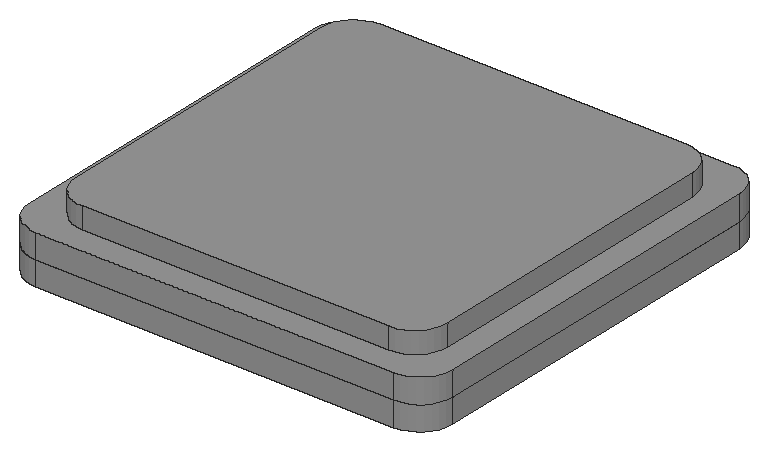
Revit family "FMS2_63_UN_Surface-mounted_ETK", category Lighting Fixtures, Revit 2019 (continued)
Definition of nested family "FMS.2 - Lightsource"
  Types (14, lengths in mm): name | Wattage Comments | Wattage | built-in parameter 1150134 | Photometric Web File | built-in parameter 1150142 | built-in parameter 1150105 | Lumens | built-in parameter 1150107 | built-in parameter 1150106 | Apparent Load
      8\t361.1844\t353.1708\t345.1572\t337.4298\t329.4162\t321.6888\t313.9614\t306.234\t298.5066\r\n290.7792\t283.0804\t275.4675\t267.9118\t260.2417\t252.5429\t244.9013\t237.2884\t229.7327\t222.2343\r\n214.7645\t207.3519\t199.9679\t192.6412\t185.3431\t178.0736\t170.8328\t163.9354\t157.2955\t150.7129\r\n144.1589\t137.6336\t131.1368\t124.6687\t118.2578\t111.847\t105.4647\t99.1111\t92.786\t81.3953\r\n65.9119\t50.4284\t34.9164\t19.4358\t3.9438\t0\t0\t0\t0\t0\r\n0\r\n985.1004\t984.2418\t983.3832\t982.8108\t982.2384\t981.666\t980.5212\t979.9488\t979.0902\t978.5178\r\n977.373\t976.2282\t975.0834\t973.6524\t972.5076\t971.3628\t970.218\t968.787\t967.356\t965.6388\r\n963.9216\t961.9182\t960.4872\t958.77\t956.4804\t954.477\t952.1874\t950.184\t947.8944\t945.891\r\n943.8876\t941.598\t939.0222\t936.7326\t934.1568\t931.8672\t929.2914\t926.7156\t923.5674\t920.7054\r\n916.9848\t913.2642\t909.5436\t905.2506\t901.2438\t897.237\t892.944\t888.9372\t884.9304\t880.6374\r\n876.6306\t872.3376\t868.0446\t863.4654\t858.8862\t854.5932\t850.5864\t845.721\t840.8556\t836.2764\r\n831.6972\t826.8318\t821.6802\t816.8148\t811.9494\t807.084\t802.5048\t797.6394\t792.774\t787.6224\r\n782.4708\t777.033\t771.8814\t765.8712\t759.861\t753.8508\t747.8406\t741.8304\t735.534\t729.2376\r\n722.655\t716.3586\t710.3484\t704.052\t697.4694\t690.6006\t684.3042\t678.294\t671.9976\t665.7012\r\n659.1186\t652.536\t645.9534\t639.657\t632.7882\t626.2056\t619.623\t613.0404\t606.4578\t599.3028\r\n592.1478\t584.9928\t577.5516\t570.1104\t562.6692\t555.228\t548.073\t540.918\t533.4768\t526.3218\r\n518.8806\t511.7256\t504.5706\t497.1294\t489.9744\t482.8194\t475.6644\t468.5094\t461.3544\t453.627\r\n445.6134\t437.5998\t429.8724\t421.8588\t413.8452\t406.1178\t398.1042\t390.3768\t382.6494\t374.922\r\n367.1946\t359.4672\t351.7398\t344.0124\t336.285\t328.5576\t320.544\t312.5304\t304.5168\t296.7894\r\n288.7758\t281.0484\t273.321\t265.6795\t258.0665\t250.5109\t242.9838\t235.514\t228.0728\t220.5457\r\n213.0759\t205.6633\t198.2794\t190.9526\t183.6545\t176.4423\t169.2587\t162.1323\t155.0918\t148.1085\r\n141.4973\t135.1723\t128.8759\t122.6081\t116.3975\t110.187\t104.0051\t97.8804\t91.7843\t85.6883\r\n78.8767\t63.0785\t47.2802\t31.482\t15.6637\t0\t0\t0\t0\t0\r\n0\r\n985.1004\t984.2418\t983.3832\t982.8108\t982.5246\t981.666\t980.8074\t979.9488\t979.3764\t978.804\r\n977.6592\t976.5144\t975.0834\t973.9386\t972.7938\t971.9352\t970.5042\t969.0732\t967.356\t965.3526\r\n963.6354\t961.9182\t960.4872\t958.1976\t956.1942\t953.9046\t951.615\t949.3254\t947.322\t945.3186\r\n942.7428\t940.4532\t937.8774\t935.3016\t932.7258\t930.15\t927.288\t924.426\t921.2778\t918.4158\r\n915.5538\t912.1194\t908.685\t905.2506\t902.1024\t898.668\t894.6612\t890.6544\t886.3614\t882.0684\r\n877.4892\t873.1962\t868.9032\t864.6102\t860.031\t855.1656\t850.3002\t845.4348\t840.5694\t835.4178\r\n830.2662\t825.4008\t820.5354\t815.3838\t810.5184\t805.3668\t800.2152\t795.0636\t789.6258\t784.188\r\n779.0364\t773.5986\t768.447\t763.0092\t757.8576\t752.1336\t746.6958\t740.9718\t735.534\t729.81\r\n723.7998\t718.0758\t712.0656\t705.7692\t699.1866\t692.3178\t685.7352\t678.8664\t671.9976\t665.1288\r\n658.5462\t651.6774\t644.8086\t637.9398\t631.071\t624.4884\t617.3334\t610.4646\t603.5958\t596.727\r\n589.8582\t582.9894\t576.1206\t568.9656\t562.0968\t554.9418\t548.073\t540.918\t533.763\t526.0356\r\n518.3082\t510.5808\t503.1396\t495.4122\t487.971\t480.2436\t472.8024\t465.3612\t457.92\t450.4788\r\n443.0376\t435.5964\t427.869\t420.4278\t412.9866\t405.2592\t398.1042\t390.0906\t382.077\t373.7772\r\n365.7636\t358.0362\t350.0226\t342.009\t334.2816\t326.268\t318.5406\t310.527\t302.7996\t295.0722\r\n287.631\t279.9322\t271.9759\t264.1626\t256.4066\t248.6792\t241.0376\t233.4247\t225.869\t218.3992\r\n211.0153\t203.7458\t196.5335\t189.3213\t182.0804\t174.8968\t167.7704\t160.7299\t153.7753\t146.8778\r\n140.0377\t133.2547\t126.529\t120.1468\t114.0507\t108.0405\t102.0875\t96.1918\t90.3247\t84.4862\r\n78.6764\t72.9238\t61.6189\t45.2768\t28.9062\t12.5298\t0\t0\t0\t0\r\n0\r\n985.1004\t984.2418\t983.3832\t983.097\t982.5246\t981.9522\t981.0936\t980.5212\t979.9488\t979.0902\r\n977.9454\t976.8006\t975.3696\t974.2248\t973.3662\t972.5076\t970.7904\t969.3594\t967.356\t965.3526\r\n963.9216\t962.4906\t960.4872\t958.1976\t955.908\t953.6184\t951.615\t949.3254\t947.322\t944.7462\r\n942.4566\t939.5946\t937.0188\t934.443\t931.8672\t929.0052\t926.1432\t922.995\t920.133\t916.6986\r\n913.2642\t909.8298\t906.3954\t902.961\t899.5266\t896.0922\t892.3716\t888.9372\t884.9304\t881.2098\r\n877.4892\t874.0548\t869.7618\t865.4688\t861.1758\t856.5966\t851.7312\t846.5796\t841.428\t836.2764\r\n831.411\t826.2594\t821.1078\t815.9562\t810.8046\t805.3668\t799.929\t794.4912\t789.0534\t783.6156\r\n778.1778\t772.74\t767.016\t761.292\t755.568\t749.844\t743.8338\t737.8236\t731.8134\t726.3756\r\n720.6516\t714.6414\t708.345\t702.0486\t696.0384\t689.742\t683.7318\t677.7216\t671.4252\t665.1288\r\n658.8324\t652.536\t646.2396\t639.9432\t633.3606\t626.4918\t619.3368\t612.1818\t605.0268\t597.5856\r\n590.1444\t582.9894\t575.5482\t568.107\t560.952\t553.5108\t546.3558\t538.9146\t531.4734\t523.746\r\n516.3048\t509.1498\t501.7086\t494.5536\t487.1124\t479.9574\t472.5162\t465.075\t457.6338\t450.1926\r\n442.179\t434.1654\t426.1518\t418.1382\t410.4108\t402.6834\t394.956\t387.2286\t379.215\t371.4876\r\n363.7602\t356.0328\t348.5916\t340.8642\t333.423\t325.6956\t317.9682\t309.6684\t301.6548\t293.6412\r\n285.6848\t277.7857\t269.9152\t262.1306\t254.4318\t246.8475\t239.3204\t231.7934\t224.3522\t216.6534\r\n209.1263\t201.7424\t194.4157\t187.1748\t179.9339\t172.8362\t165.7957\t158.8982\t152.0581\t145.2179\r\n138.4349\t131.7092\t125.0122\t118.3437\t111.7039\t105.0926\t98.5959\t92.5285\t86.4896\t80.5367\r\n74.641\t68.8025\t63.0212\t57.2972\t41.9855\t25.6378\t9.3244\t0\t0\t0\r\n0\r\n985.1004\t984.2418\t983.6694\t983.097\t982.8108\t981.9522\t981.3798\t980.8074\t980.235\t979.3764\r\n978.2316\t977.0868\t975.942\t974.7972\t973.9386\t972.7938\t971.3628\t969.6456\t967.6422\t965.925\r\n964.494\t963.063\t960.7734\t958.4838\t956.1942\t953.9046\t951.9012\t949.8978\t947.322\t945.0324\r\n942.1704\t939.5946\t937.0188\t934.443\t931.581\t928.719\t925.5708\t922.7088\t919.2744\t915.5538\r\n912.1194\t908.685\t905.2506\t901.8162\t898.0956\t894.375\t890.6544\t886.9338\t883.2132\t879.4926\r\n875.4858\t871.1928\t866.8998\t862.3206\t858.0276\t853.4484\t848.8692\t844.29\t839.7108\t835.1316\r\n830.5524\t825.687\t821.1078\t815.9562\t811.0908\t805.9392\t800.7876\t795.9222\t791.0568\t785.619\r\n779.6088\t773.5986\t767.8746\t762.1506\t755.8542\t749.844\t744.4062\t738.6822\t732.3858\t726.3756\r\n719.793\t713.4966\t707.2002\t701.19\t694.8936\t688.311\t682.0146\t675.7182\t669.1356\t662.2668\r\n655.6842\t649.1016\t642.8052\t636.2226\t629.64\t622.7712\t616.1886\t609.3198\t602.451\t595.5822\r\n588.9996\t582.1308\t575.262\t568.3932\t561.2382\t553.797\t546.9282\t540.0594\t533.1906\t526.3218\r\n518.5944\t510.5808\t502.8534\t495.126\t487.3986\t479.6712\t471.9438\t464.2164\t456.2028\t448.4754\r\n440.4618\t432.7344\t425.007\t417.2796\t409.5522\t401.5386\t393.8112\t386.0838\t378.3564\t370.629\r\n362.9016\t355.4604\t347.733\t339.4332\t331.4196\t323.1198\t315.1062\t307.3788\t299.3652\t291.6378\r\n283.7673\t276.1544\t268.6559\t261.0144\t253.4587\t245.9889\t238.4618\t230.5627\t222.8067\t215.1652\r\n207.6381\t200.111\t192.7271\t185.4862\t178.3312\t171.3193\t164.1929\t156.9521\t149.7398\t142.5276\r\n135.3154\t128.0459\t120.805\t113.6214\t106.4378\t99.3686\t92.4426\t85.6597\t78.9912\t72.4658\r\n66.7418\t61.3899\t56.1238\t50.9722\t45.9351\t38.4653\t22.4553\t6.4767\t0\t0\r\n0\r\n985.1004\t984.528\t983.6694\t983.3832\t983.097\t982.2384\t981.666\t981.0936\t980.8074\t979.9488\r\n978.804\t977.6592\t976.2282\t975.3696\t974.7972\t973.3662\t971.9352\t969.9318\t967.9284\t966.4974\r\n965.6388\t963.6354\t961.3458\t959.0562\t956.7666\t954.7632\t952.7598\t950.4702\t948.1806\t945.6048\r\n942.7428\t940.167\t937.5912\t934.7292\t931.8672\t929.0052\t926.1432\t922.7088\t918.9882\t915.5538\r\n912.1194\t908.685\t905.2506\t901.53\t897.8094\t894.0888\t890.3682\t886.3614\t882.6408\t878.9202\r\n874.6272\t870.048\t865.4688\t861.1758\t856.5966\t852.0174\t847.4382\t842.859\t837.9936\t833.4144\r\n828.549\t823.9698\t818.8182\t813.6666\t808.515\t803.0772\t798.2118\t793.3464\t787.9086\t782.1846\r\n776.7468\t771.309\t765.585\t759.861\t754.4232\t749.2716\t743.5476\t737.5374\t731.5272\t725.2308\r\n719.2206\t713.4966\t707.4864\t701.19\t695.1798\t689.1696\t682.8732\t676.0044\t669.708\t663.4116\r\n657.1152\t650.5326\t643.95\t637.0812\t629.9262\t623.3436\t616.4748\t609.3198\t602.1648\t595.0098\r\n588.141\t580.986\t573.831\t566.3898\t558.9486\t551.5074\t544.3524\t536.9112\t529.47\t522.315\r\n515.16\t507.7188\t500.2776\t492.8364\t485.3952\t477.6678\t470.2266\t462.4992\t455.058\t447.6168\r\n440.1756\t432.4482\t425.007\t417.2796\t409.5522\t401.8248\t394.0974\t386.37\t378.9288\t371.4876\r\n363.474\t355.1742\t347.1606\t339.147\t330.8472\t322.8336\t314.82\t306.8064\t298.7928\t290.7792\r\n282.7656\t274.8951\t267.1677\t259.4689\t251.7701\t244.1572\t236.5729\t228.8169\t220.975\t213.3049\r\n205.6919\t198.2507\t190.924\t183.7118\t176.6426\t169.7166\t162.8764\t155.7787\t148.1371\t140.5242\r\n132.7968\t124.8977\t116.9413\t108.9563\t101.1431\t93.5874\t86.2034\t79.0771\t72.151\t65.6829\r\n59.7586\t54.0632\t48.6254\t43.5883\t39.4384\t35.4602\t31.5679\t21.1845\t4.3645\t0\r\n0\r\n985.1004\t984.528\t983.6694\t983.6694\t983.3832\t982.5246\t981.9522\t981.666\t981.3798\t980.235\r\n979.3764\t978.2316\t977.0868\t976.2282\t975.6558\t974.2248\t972.5076\t970.7904\t968.787\t967.6422\r\n966.7836\t964.494\t962.2044\t960.201\t957.9114\t955.908\t953.9046\t951.615\t949.3254\t946.4634\r\n943.6014\t941.3118\t938.736\t936.1602\t933.2982\t930.15\t927.288\t923.5674\t919.8468\t916.4124\r\n913.2642\t909.8298\t906.3954\t902.6748\t898.9542\t895.2336\t891.2268\t887.5062\t883.7856\t879.4926\r\n875.1996\t870.6204\t866.0412\t861.7482\t857.169\t852.876\t848.2968\t843.4314\t838.566\t833.7006\r\n829.1214\t824.256\t819.3906\t813.9528\t808.515\t803.3634\t798.498\t793.0602\t787.6224\t782.1846\r\n776.7468\t770.7366\t765.0126\t759.5748\t754.137\t748.413\t742.689\t736.3926\t730.0962\t724.086\r\n718.362\t712.0656\t705.7692\t699.4728\t693.4626\t687.1662\t680.5836\t674.001\t667.7046\t661.122\r\n654.5394\t647.9568\t641.3742\t634.5054\t627.9228\t621.054\t614.4714\t607.3164\t600.4476\t593.5788\r\n586.71\t579.555\t572.1138\t564.9588\t558.09\t550.935\t543.4938\t536.3388\t529.1838\t522.0288\r\n514.5876\t507.1464\t499.7052\t491.9778\t484.8228\t477.3816\t469.6542\t461.9268\t454.1994\t446.7582\r\n439.317\t431.5896\t423.8622\t415.8486\t408.4074\t400.68\t392.9526\t385.2252\t377.2116\t369.198\r\n360.8982\t352.5984\t345.1572\t337.716\t329.7024\t321.6888\t313.6752\t305.6616\t297.648\t289.6344\r\n281.7067\t273.8075\t266.1374\t258.5245\t250.7971\t243.041\t235.3995\t227.8724\t220.374\t212.8756\r\n205.4916\t198.1935\t190.9526\t183.8549\t176.2992\t168.858\t161.474\t154.3477\t147.3358\t140.4097\r\n133.5695\t126.8725\t120.3185\t113.4497\t105.2357\t96.9359\t88.6648\t80.4222\t72.3514\t64.9674\r\n57.9555\t51.3729\t45.2196\t39.7532\t34.8305\t30.5948\t26.7597\t24.1152\t22.2864\t3.1368\r\n0\r\n985.1004\t984.528\t983.9556\t983.6694\t983.6694\t982.8108\t982.2384\t981.9522\t981.666\t980.8074\r\n979.9488\t978.804\t977.6592\t977.0868\t976.5144\t975.0834\t973.6524\t971.649\t969.6456\t968.787\r\n968.2146\t965.925\t963.6354\t961.3458\t959.3424\t957.339\t955.6218\t953.3322\t951.0426\t948.1806\r\n945.3186\t943.029\t940.7394\t937.8774\t935.3016\t932.4396\t929.2914\t925.5708\t921.8502\t918.702\r\n915.2676\t911.8332\t908.3988\t904.9644\t901.2438\t897.5232\t893.8026\t890.082\t886.3614\t882.0684\r\n877.7754\t873.1962\t868.617\t864.324\t860.031\t855.4518\t851.1588\t846.2934\t841.1418\t836.5626\r\n831.9834\t827.4042\t822.5388\t816.8148\t811.377\t806.5116\t801.6462\t796.2084\t790.7706\t785.0466\r\n779.6088\t773.8848\t768.1608\t762.723\t757.2852\t751.5612\t745.8372\t739.5408\t733.2444\t727.2342\r\n721.224\t715.2138\t708.9174\t702.621\t696.3246\t690.0282\t683.7318\t677.4354\t671.139\t664.2702\r\n657.6876\t651.105\t644.2362\t637.6536\t630.7848\t623.916\t617.3334\t610.1784\t603.0234\t596.1546\r\n589.2858\t582.1308\t574.6896\t567.8208\t561.2382\t553.797\t546.3558\t539.2008\t531.7596\t524.3184\r\n516.591\t509.1498\t501.7086\t494.2674\t487.1124\t479.385\t471.6576\t463.9302\t455.9166\t448.1892\r\n440.4618\t433.0206\t425.5794\t417.5658\t409.5522\t401.5386\t393.525\t385.5114\t377.784\t369.7704\r\n362.043\t354.0294\t346.302\t338.2884\t330.2748\t322.5474\t314.82\t306.8064\t298.7928\t291.0654\r\n282.9946\t275.1813\t267.3967\t259.4689\t251.5412\t243.8138\t236.0864\t228.4735\t220.8605\t213.219\r\n205.5488\t197.9932\t190.4661\t183.0249\t175.5837\t168.3715\t161.1592\t154.2618\t147.3358\t140.5242\r\n133.7413\t127.0728\t120.4043\t114.0507\t107.6971\t101.4007\t95.0756\t89.3516\t83.599\t78.0754\r\n72.5517\t67.3715\t62.1913\t57.24\t52.2887\t47.9957\t43.7314\t40.9552\t38.1505\t37.2919\r\n19.7163\r\n985.1004\t984.528\t983.6694\t983.3832\t983.097\t982.5246\t981.666\t981.3798\t981.0936\t980.235\r\n979.0902\t977.9454\t976.8006\t975.942\t975.3696\t973.9386\t972.2214\t970.218\t968.2146\t967.356\r\n966.4974\t964.2078\t961.9182\t959.6286\t957.6252\t955.6218\t953.6184\t951.3288\t949.0392\t946.1772\r\n943.3152\t940.7394\t938.1636\t935.3016\t932.4396\t929.5776\t926.7156\t922.995\t919.2744\t915.84\r\n912.4056\t908.9712\t905.5368\t901.8162\t898.0956\t894.375\t890.6544\t886.9338\t882.927\t878.9202\r\n874.341\t869.7618\t865.1826\t860.8896\t856.5966\t852.0174\t847.4382\t842.5728\t837.4212\t832.842\r\n828.2628\t823.3974\t818.532\t813.0942\t807.6564\t802.2186\t797.3532\t791.9154\t786.7638\t781.326\r\n775.602\t769.878\t764.154\t758.43\t752.9922\t747.2682\t741.5442\t735.2478\t729.2376\t723.2274\r\n717.2172\t710.9208\t704.6244\t698.328\t692.0316\t685.7352\t679.4388\t673.1424\t666.5598\t659.9772\r\n653.3946\t646.812\t640.2294\t633.3606\t626.4918\t619.623\t613.0404\t606.1716\t599.0166\t591.8616\r\n584.9928\t577.8378\t570.969\t563.814\t556.659\t549.504\t542.349\t535.194\t527.7528\t520.5978\r\n512.8704\t505.4292\t497.988\t490.5468\t483.1056\t475.6644\t467.937\t460.4958\t452.7684\t445.041\r\n437.3136\t429.8724\t422.4312\t414.99\t406.9764\t398.9628\t391.5216\t383.7942\t375.7806\t367.4808\r\n359.7534\t351.7398\t344.0124\t335.9988\t327.699\t319.6854\t311.6718\t303.9444\t295.9308\t288.2034\r\n280.3043\t272.4338\t264.5919\t256.75\t249.0226\t241.3525\t233.6823\t226.0408\t218.5137\t211.1297\r\n203.7744\t196.5049\t189.3213\t182.3094\t174.7823\t167.2267\t159.7568\t152.6591\t145.6472\t138.7784\r\n131.9668\t125.3556\t118.9161\t112.5911\t106.123\t99.7407\t93.7591\t87.9493\t82.397\t76.6157\r\n70.949\t65.597\t60.4454\t55.4942\t50.8864\t46.5361\t42.5007\t39.839\t38.036\t5.4035\r\n0\r\n985.1004\t984.2418\t983.6694\t983.3832\t982.8108\t982.2384\t981.3798\t980.8074\t980.5212\t979.3764\r\n978.5178\t977.373\t975.942\t975.0834\t974.2248\t972.7938\t971.3628\t969.3594\t967.356\t965.925\r\n965.0664\t963.063\t960.4872\t958.4838\t956.1942\t953.9046\t951.9012\t949.6116\t947.322\t944.7462\r\n941.8842\t939.0222\t936.4464\t933.5844\t930.7224\t927.5742\t924.7122\t921.2778\t917.5572\t914.1228\r\n910.6884\t907.254\t903.8196\t900.099\t896.3784\t892.6578\t888.9372\t885.2166\t881.2098\t877.203\r\n872.91\t868.3308\t863.7516\t859.1724\t854.8794\t850.5864\t846.0072\t841.1418\t836.2764\t831.1248\r\n826.5456\t821.9664\t817.101\t812.5218\t806.7978\t801.36\t795.9222\t790.7706\t785.619\t780.4674\r\n775.0296\t769.5918\t763.8678\t758.1438\t752.4198\t746.982\t741.258\t735.2478\t729.2376\t723.2274\r\n717.2172\t711.4932\t705.483\t698.9004\t692.604\t686.3076\t680.2974\t674.001\t667.7046\t661.4082\r\n654.8256\t647.9568\t641.088\t634.5054\t627.9228\t620.7678\t613.6128\t606.4578\t599.589\t592.1478\r\n584.9928\t577.8378\t570.6828\t563.5278\t556.3728\t549.2178\t541.7766\t534.3354\t526.8942\t519.7392\r\n512.298\t504.8568\t497.1294\t489.6882\t482.247\t474.5196\t467.0784\t459.6372\t452.196\t444.4686\r\n437.0274\t429.3\t421.8588\t414.1314\t406.6902\t399.249\t391.8078\t384.0804\t376.353\t368.3394\r\n360.0396\t352.026\t343.7262\t335.7126\t327.4128\t319.3992\t311.3856\t303.372\t295.3584\t287.3448\r\n279.3884\t271.5179\t263.7333\t255.9773\t248.2213\t240.5225\t232.9668\t225.268\t217.4834\t209.8705\r\n202.3148\t194.7877\t187.4038\t180.1057\t172.9507\t165.9388\t159.1272\t152.1439\t144.9603\t137.9484\r\n131.051\t124.3253\t117.7427\t111.3318\t105.064\t98.9393\t92.9578\t87.1193\t81.4239\t75.843\r\n70.348\t64.9674\t59.7872\t54.8645\t50.6574\t46.5647\t42.5579\t28.9921\t5.9959\t0\r\n0\r\n985.1004\t984.2418\t983.3832\t983.097\t982.5246\t981.666\t980.8074\t980.235\t979.9488\t978.804\r\n977.9454\t976.5144\t975.3696\t974.2248\t973.3662\t971.9352\t970.218\t968.5008\t966.4974\t964.7802\r\n963.6354\t962.2044\t959.6286\t957.339\t955.0494\t953.046\t950.7564\t948.4668\t946.1772\t943.8876\r\n941.0256\t938.1636\t935.3016\t932.4396\t929.5776\t926.7156\t923.5674\t920.4192\t916.9848\t913.2642\r\n909.8298\t906.6816\t903.2472\t899.8128\t896.0922\t892.3716\t888.651\t884.6442\t880.9236\t877.203\r\n873.1962\t868.617\t864.324\t859.7448\t855.1656\t850.8726\t846.8658\t842.0004\t837.135\t832.2696\r\n827.118\t822.5388\t817.9596\t813.3804\t808.8012\t803.6496\t798.2118\t792.774\t787.3362\t782.1846\r\n776.7468\t771.0228\t765.2988\t759.5748\t753.2784\t746.982\t741.258\t735.2478\t728.9514\t722.9412\r\n716.6448\t710.3484\t704.052\t698.0418\t691.4592\t684.8766\t678.294\t671.7114\t665.415\t658.8324\r\n652.2498\t645.6672\t639.0846\t632.2158\t625.347\t618.7644\t612.468\t605.5992\t598.7304\t591.8616\r\n584.7066\t577.8378\t570.969\t564.1002\t557.2314\t550.3626\t543.2076\t536.3388\t529.1838\t522.315\r\n514.5876\t506.574\t498.8466\t490.833\t483.1056\t475.3782\t467.6508\t459.6372\t451.6236\t443.8962\r\n436.1688\t428.4414\t420.4278\t412.4142\t404.973\t397.2456\t389.232\t381.2184\t373.491\t365.7636\r\n358.3224\t350.595\t342.8676\t334.5678\t326.268\t317.9682\t309.9546\t301.941\t293.9274\t286.2\r\n278.5012\t270.7738\t263.1037\t255.4907\t248.0209\t240.6083\t233.024\t224.9532\t217.0255\t209.2408\r\n201.5707\t193.9577\t186.4021\t178.9895\t171.72\t164.5
